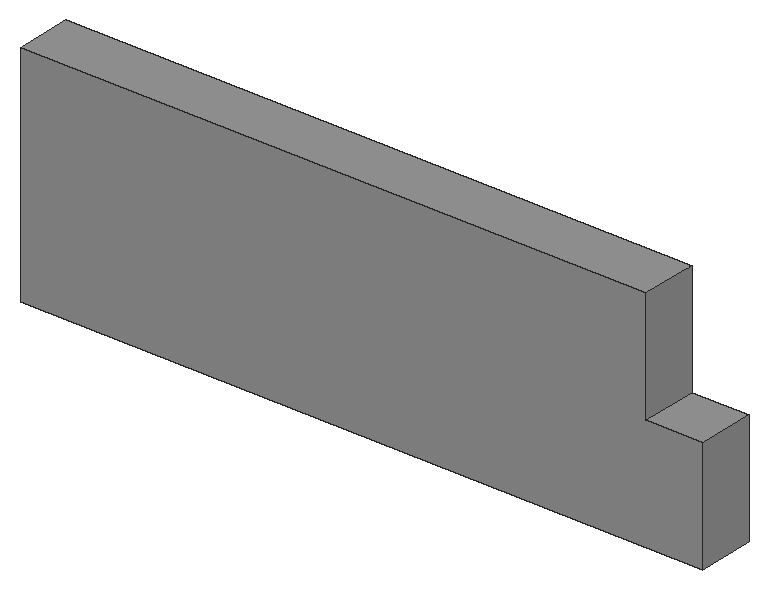
Revit family "11. SaintYrieix_PRecta_ESP", category Generic Models, host Wall, Revit 2015
Parameters (values of type "Stonepanel® SKY Saint Yrieix")
  Ventajas de Stonepanel = "Eficaz: Instalación ágil y sencilla : 10 veces más rápido que la mampostería tradicional (Ritmo medio de colocación de 20 m2/día). Mayor rentabilidad gracias al menor desperdicio de material en obra y a la durabilidad de un producto natural frente a otros revestimientos. La colocación de los paneles no requiere mano de obra ni maquinaria especializada.\r\nSeguro: Un sistema de anclaje patentado, de acero inoxidable, que permite su instalación a más de 2 metros de altura. Base de cemento homogénea y rugosa que garantiza la adhesión y permite el corte sin desprendimiento.\r\nCalidad: Control permanente del proceso de producción desde la oficina I+D+I. Una cuidada selección de piedra natural realizada por los expertos de CUPASTONE. Disponibilidad de piezas especiales para adaptarse perfectamente a cada edificio: esquinas (macizas, rectas, dobles o para ventanas), cubremuros, y otros complementarios.\r\nEstética: Forma de “S” que evita la visión de las juntas para homogenizar el aspecto final. Gran variedad de paneles para elegir entre colores y acabados de piedra natural. La propia belleza y exclusividad de la piedra natural: Cada piedra es\r\núnica."
  Usos Indicados = "Revestimiento de Paredes exteriores e interiores en edificaciones nuevas o rehabilitaciones"
  Uniclass 2015 = "Pr_25_71_14_56 Natural stone panels"
  Uniclass 2 = "Pr_25_71_14_56 Natural stone panels"
  URL = "http://www.cupastone.fr/produit/stonepanel-saint-yrieix/"
  Sistema de anclaje = "Cinta perforada en acero inoxidable:\r\n- Naturaleza del acero: AISI 316 (1.4401) o AISI 304 (1.4301)\r\n- Espesor mínimo (mm) : 0,7\r\n- Ancho (mm) : 12 a 15\r\n- Diámetro del hueco (mm) : 6 ± 1\r\n\r\nTacos:\r\nLa elección de los tacos y clavijas de fijación debe ser realizada teniendo en cuenta la acción en depresión del viento (muros exteriores) y de la resistencia de los tacos en el soporte, en función de la naturaleza del soporte."
  Resistencia al fuego = "No combustible"
  Resistencia a la flexión = "-"
  Resistencia al hielo = "Sin alteraciones despues de 50 ciclos"
  Resistencia = "Buena resistencia"
  Peso = "10 kg"
  Oxidación = "No oxida"
  Otros datos de interés del producto = "Dispone de un anclaje para instalar a alturas superiores a 2 metros"
  Omniclass = "23-15 15 15 11"
  Número de serie = "SPZ-F01"
  NBS Reference = "45-25-45/380 Natural stone panels"
  Model = "Stonepanel® SKY Saint Yrieix"
  Material = "Piedra de color marrón-anaranjado y de aspecto brillante. Presenta una estratificación marcada, alternando capas muy finas de color claro y de mayor espesor, de color más oscuro."
  Limpieza = "En general, los paneles no requieren mantenimiento y son auto- limpiantes, pero la eliminación de algunos tipos de marcas pueden requerir un tratamiento especializado.\r\nEn caso de suciedad anormal, la superficie puede limpiarse con una mezcla / detergente doméstico y agua caliente , aplicada con una almohadilla de limpieza adecuado o una esponja."
  Largo = 600 mm
  Impacto = "-"
  Type Image = <None>
  Formato = "600x200"
  Forma de suministro = "Los paneles se presentan en parejas, en un embalaje plástico o en cajas de cartón de 3 o 4 piezas."
  Forma = "Forma de \"s\""
  Manufacturer = "Cupastone"
  Envejecimiento por cambio térmicos = "Sin alteraciones después de 20 ciclos."
  Ensayos realizados por SINTEF = "Ensayo a los materiales de piedra, Ensayos a los paneles, Durabilidad y absorción de agua"
  Ensayos realizados por DIBt = "Adherencia entre piedra y mortero, Adherencia entre piedra y mortero tras 50 ciclos de hielo-deshielo"
  Ensayos realizados por BBA = "Resistencia a daños por heladicidad, Resistencia a choque térmico, Adherencia entre piedra y mortero, Resistencia al arrancamiento del anclaje, Resistencia a impacto"
  Ensayos realizados por Avis Technique = "Resistencia mecánica del anclaje, Resistencia mecánica de la cinta de seguridad, Ensayo de durabilidad tras la acción del agua, Ensayo de durabilidad tras la acción del hielo, Ensayo sísmico"
  Durabilidad = "Según el certificado BBA, el sistema tiene una vida de diseño superior a 30 años."
  Detalles constructivos = "Detalles de:\r\n- Instalación con perfil metálico\r\n- Instalación de Stonepanel\r\n- Instalación en muro interior\r\n- Instalación del elemento de seguridad (cinta perforada + tacos)\r\n- Esquinas entrantes\r\n- Esquinas salientes\r\n- Esquinas salientes pre-fabricadas\r\n- Esquinas salientes mediante serrado del panel\r\n- Esquinas salientes sin continuidad de Stonepanel (caso de una fachada lateral)\r\n- Bordes superiores\r\n- Sobre parapeto\r\n- Marco de vano"
  Desfase de altura = 0 mm
  Description = "Pieza de piedra natural montada sobre una base de cemento y reforzada con una malla de fibra de vidrio .\r\nPosee sistema de anclaje patentado, de acero inoxidable, que permite su instalación a más de 2 metros de altura"
  Densidad aparente = "91 kg/m2"
  Color secundario = "Gris y Dorado"
  Color principal = "Beige y Amarillo"
  Certificaciones = "BBA - Reino Unido, Avis Technique - Francia, DIBt - Alemania, SINTEF - Noruega"
  Aspecto = "Tradicional"
  Ancho = 50 mm
  Alto = 200 mm
  Adherencia del mortero = ">1N/mm2"
  Acabado = "Natural"
  Absorción = "Baja absorción"
Types (2): name
  Stonepanel® SKY Saint Yrieix
  Stonepanel® SKY Saint Yrieix. 20 cm - 60 cm
Reference planes
  plane 1 "Muro": y = 0
  plane 2 "Centro (Izquierda/Derecha)": x = 125
  plane 3 "Posterior": y = 75
Forms (mm)
  Extrusion 1, solid, material "Stonepanel® SKY Saint Yrieix"
    sketch origin (0, 160, 1120) x (1, 0, 0) y (0, 0, 1)
      loop
        line (125, -1120) -> (125, -1020) -> (75, -1020) -> (75, -920) -> (-475, -920) -> (-475, -1120) -> (125, -1120)
    from 35 to 85
Text (mm)
  text "Cara de colocación" at (-1848.837, 1116.779, 0), in view "Nivel de referencia"
  text "Cara de colocación" at (0, 1409.804, 2854.306), in view "Izquierda"
  text "Cara de colocación" at (0, 499.811, 2980.732), in view "Derecha"
Dimensions and locks
  locked: plane 3 "Posterior" to host wall
  locked: Extrusion 1 to plane 3 "Posterior" at 0
  "Ancho": Extrusion 1 to Extrusion 1
  "Largo": Extrusion 1 to Extrusion 1
  locked: Extrusion 1 to Extrusion 1 at 100
  "Desfase de altura": level to Extrusion 1
  locked: Extrusion 1 to Extrusion 1 at 50
  "Alto": Extrusion 1 to Extrusion 1
  aligned and locked: plane 1 "Muro" to host wall
Automatic sketch dimensions
  Extrusion 1 sketch curve to level = 0 mm
  Extrusion 1 sketch curve to plane 2 "Centro (Izquierda/Derecha)" = 0 mm
  Extrusion 1 sketch curve to plane 2 "Centro (Izquierda/Derecha)" = 50 mm
  level to Extrusion 1 sketch curve = 200 mm
  Extrusion 1 sketch curve to Extrusion 1 sketch curve = 550 mm
  level to Extrusion 1 sketch curve = 100 mm
